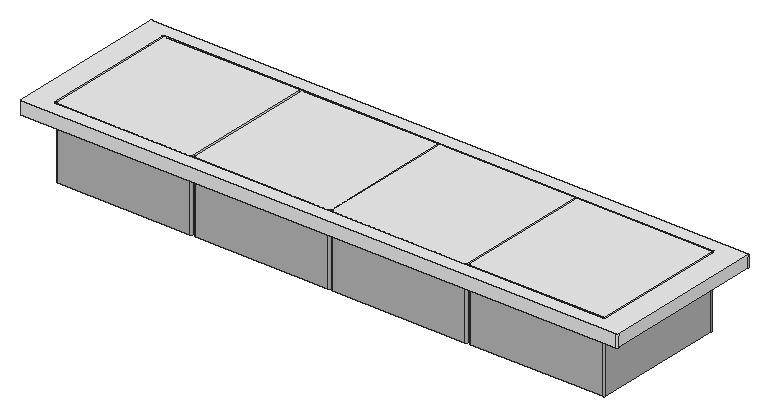
Revit family "Schneider_D-Life_4-elementos", category Electrical Fixtures, host Face, Revit 2015 (continued)
Definition of nested family "Schneider_D-Life_Tecla_Tapa_Tapa-ciega-zumbador"
  Definition of nested family "Schneider_D-Life_Cuerpo-tecla_Tecla-simple_M02"
    Parameters (values of type "Estándar")
      Versión = "L2.00"  # constant formula
      Material [instance] = none
      Longitud [instance] = 70.3 mm
      Autor.URL = "www.a3d.es"
      Autor = "A3D Consulting"  # constant formula
    Reference planes
      plane 1 "Centro (Frontal/Posterior)": y = 0
      plane 2: z = 0
      plane 3 "Centro (Izquierda/Derecha)": x = 0
      plane 4 "Izquierda": x = -35.15
      plane 5 "Derecha": x = 35.15
      plane 6 "Posterior": y = 35
      plane 7 "Frontal": y = -35
      plane 8 "Tecla.Izquierda": x = -34.65
      plane 9 "Tecla.Derecha": x = 34.65
      plane 10 "Tecla.Frontal": y = -34.5
      plane 11 "Tecla.Posterior": y = 34.5
      plane 12 "Tapa.Superior": z = 5
    Forms (mm)
      Sweep 1, solid, material <- "Material"
        path origin (0, 0, 0) x (1, 0, 0) y (0, 1, 0)
          loop
            line (-34.65, 0) -> (34.65, 0)
        profile origin (0, 0, 0) x (0, 1, 0) y (0, 0, 1)
          loop
            line (-34.5, 0) -> (34.5, 0) -> (34.5, 5) -> (-34.5, 5) -> (-34.5, 0)
      Sweep 2, void
        path origin (0, 34.5, 0) x (-1, 0, 0) y (0, 0, 1)
          loop
            line (34.65, 5) -> (34.65, 0)
        profile origin (-34.65, 34.5, 2.5) x (0, 1, 0) y (-1, 0, 0)
          loop
            line (0, 0) -> (-1, 0)
            arc (-1, 0) -> (-0.293, -0.293) -> (0, -1) r 1
            line (0, -1) -> (0, 0)
      Sweep 3, void
        path origin (38.686, 34.5, 0) x (-1, 0, 0) y (0, 0, 1)
          loop
            line (4.036, 5) -> (4.036, 0)
        profile origin (34.65, 34.5, 2.5) x (0, 1, 0) y (-1, 0, 0)
          loop
            line (0, 0) -> (0, 1)
            arc (0, 1) -> (-0.293, 0.293) -> (-1, 0) r 1
            line (-1, 0) -> (0, 0)
      Sweep 4, void
        path origin (0, -34.5, 0) x (-1, 0, 0) y (0, 0, 1)
          loop
            line (34.65, 5) -> (34.65, 0)
        profile origin (-34.65, -34.5, 2.5) x (0, 1, 0) y (-1, 0, 0)
          loop
            line (0, 0) -> (0, -1)
            arc (0, -1) -> (0.293, -0.293) -> (1, 0) r 1
            line (1, 0) -> (0, 0)
      Sweep 5, void
        path origin (0, -34.5, 0) x (-1, 0, 0) y (0, 0, 1)
          loop
            line (-34.65, 5) -> (-34.65, 0)
        profile origin (34.65, -34.5, 2.5) x (0, 1, 0) y (-1, 0, 0)
          loop
            line (0, 0) -> (1, 0)
            arc (1, 0) -> (0.293, 0.293) -> (0, 1) r 1
            line (0, 1) -> (0, 0)
    Cuts and joins
      Sweep 2, Sweep 3, Sweep 4, Sweep 5 cuts Sweep 1
    Text (mm)
      text "A3D CONSULTING INTEGRATED BIM SOLUTIONS, S.L.\n\nCONTRATO DE LICENCIA DE USUARIO FINAL\n\n\n\n\n\nAVISO A LOS USUARIOS: LEA ATENTAMENTE EL SIGUIENTE CONTRATO ANTES DE CONTINUAR. EL USO DEL CONTENIDO BIM EN FORMATO REVIT QUE SE ACOMPAÑA DEL PRESENTE ACUERDO (\"CONTENIDO BIM A3D CONSULTING\") CONSTITUYE SU ACEPTACIÓN DE ESTOS TÉRMINOS. SI USTED NO ESTÁ DE ACUERDO CON LAS CONDICIONES DE ESTE ACUERDO NO ABRA, ACCEDA DIRECTA O INDIRECTAMENTE, MODIFIQUE,  COPIE NI USE EL CONTENIDO BIM A3D CONSULTING, NI TOTAL NI PARCIALMENTE. EL USO DEL CONTENIDO BIM A3D CONSULTING POR PARTE DEL USUARIO ESTÁ CONDICIONADO AL CUMPLIMIENTO POR EL MISMO DE LOS TÉRMINOS DE ESTE ACUERDO.\n\n\n\n1.\tDEFINICIONES\n\nEste contrato de licencia de usuario final para el Contenido BIM A3D Consulting (“CLUF”) constituye un acuerdo legal entre usted como usuario final (ya sea persona física o entidad legalmente reconocida) (el \"Titular de la licencia\") y A3D CONSULTING INTEGRATED BIM SOLUTIONS, S.L. para el Contenido BIM A3D Consulting que acompaña a este CLUF. El Contenido BIM A3D CONSULTING consiste en uno o varios archivos en formato Autodesk Revit, pudiendo incluir elementos y medios asociados, así como la documentación \"en línea\" o electrónica (\"Contenido BIM A3D Consulting \").\n\n\n\n2.\tCONCESIÓN DE LA LICENCIA\n\nA3D CONSULTING INTEGRATED BIM SOLUTIONS, S.L. le concede una licencia para utilizar y modificar el contenido BIM incluido en una copia de Contenido BIM A3D Consulting.  El \"Titular de la licencia \" designa a la empresa, entidad o persona física, cuyos fondos son utilizados para pagar la cuota de licencia. \"Uso\" designa la copia, el almacenaje, la carga, la instalación o la muestra del Contenido BIM A3D Consulting. En virtud del presente, el Titular de la licencia no puede alquilar, arrendar, ceder, prestar, vender ni sublicenciar el Contenido BIM A3D Consulting a otra persona física, empresa o entidad.\n\n\n\n3.\tPROPIEDAD\n\nA3D CONSULTING INTEGRATED BIM SOLUTIONS, S.L. es el propietario y el titular del copyright del Contenido BIM A3D Consulting. La licencia adquirida no confiere al Titular de la licencia ningún título o propiedad sobre el contenido y no debe interpretarse como una venta de ningún derecho.\n\n\n\n4.\tCOPYRIGHT\n\nEl Contenido BIM A3D Consulting está protegido por las leyes españolas del copyright, las disposiciones de los tratados internacionales y otras leyes aplicables. En virtud del presente, el Titular de la licencia reconoce que no se le transfiere ningún título de la propiedad intelectual de A3D CONSULTING INTEGRATED BIM SOLUTIONS, S.L.. Además, el Titular de la licencia reconoce que el título y todos los derechos de autor sobre el Contenido BIM A3D Consulting seguirán siendo propiedad exclusiva de A3D CONSULTING INTEGRATED BIM SOLUTIONS, S.L. y no adquirirá ningún derecho sobre el Contenido BIM A3D Consulting, a excepción de lo expresamente establecido en esta licencia.\n\n\n\n5.\tRESPONSABILIDAD\n\nEn virtud del presente, el Titular de la licencia acepta que defenderá, indemnizará y eximirá a A3D CONSULTING INTEGRATED BIM SOLUTIONS, S.L. de cualesquiera reclamaciones o responsabilidades derivadas del uso, uso indebido, distribución o ejecución del Contenido BIM A3D Consulting de A3D CONSULTING INTEGRATED BIM SOLUTIONS, S.L., incluyendo las reclamaciones presentadas en contra del Titular de la licencia por el uso de dicho  contenido. Asimismo, el Titular de la licencia acepta eximir de toda responsabilidad y proteger a A3D CONSULTING INTEGRATED BIM SOLUTIONS, S.L. frente a cualquier tipo de demandas civiles, legales o penales. Las cantidades derivadas de dichos procesos, incluyendo resoluciones y costas judiciales, correrán a cargo del Titular de la licencia.\n\n\n\n6.\tGARANTÍA\n\nDurante un periodo de 30 días, a contar a partir de la fecha de entrega del producto, A3D CONSULTING INTEGRATED BIM SOLUTIONS, S.L. garantiza que dicho producto está libre de defectos en los materiales y la mano de obra. En caso de incumplimiento de esta garantía, el Titular de la licencia recibirá como  única compensación el reemplazo del producto. El Contenido BIM A3D Consulting y cualquier documentación relacionada se proporcionan \"tal cual\", sin garantía de ningún tipo, ya sea expresa o implícita, incluyendo, a título enunciativo pero no limitativo, las garantías implícitas o comerciabilidad, la idoneidad para un propósito particular o la inexistencia de infracción. Cualquier riesgo derivado del uso o los resultados del Contenido BIM A3D Consulting correrá a cargo del licenciatario.\n\n\n\n7.\tLEGISLACIÓN APLICABLE\n\nTodos los aspectos del presente Contrato se regirán e interpretarán de conformidad con la legislación vigente en España.\n\n\n\n8.\tENMIENDAS\n\nA3D CONSULTING INTEGRATED BIM SOLUTIONS, S.L. se reserva el derecho de modificar este acuerdo en cualquier momento.\n\n\n\n9.\tAPLICABILIDAD\n\nEn caso de que alguna de las disposiciones de este acuerdo fuera nula o inaplicable, las partes acuerdan que dicha invalidez no afectará a la validez de las disposiciones restantes de este acuerdo.\n\n\n\n- FIN DEL CONTRATO DE LICENCIA DE USUARIO FINAL -\n\nBarcelona / España, 15.02.2015\n\nA3D CONSULTING INTEGRATED BIM SOLUTIONS, S.L." at (2.016, -2, 0), in view "CLUF"
    Dimensions and locks
      equal spacing: plane 4 "Izquierda", plane 3 "Centro (Izquierda/Derecha)", plane 5 "Derecha"
      "Longitud": plane 4 "Izquierda" to plane 5 "Derecha"
      equal spacing: plane 7 "Frontal", plane 1 "Centro (Frontal/Posterior)", plane 6 "Posterior"
      "Anchura": plane 7 "Frontal" to plane 6 "Posterior"
      "Juntas.Desfase": plane 7 "Frontal" to plane 10 "Tecla.Frontal"
      "Juntas.Desfase": plane 6 "Posterior" to plane 11 "Tecla.Posterior"
      "Juntas.Desfase": plane 4 "Izquierda" to plane 8 "Tecla.Izquierda"
      "Juntas.Desfase": plane 9 "Tecla.Derecha" to plane 5 "Derecha"
      "Espesor": plane 12 "Tapa.Superior" to plane 2
      "Cuerpo.Redondeo": plane 8 "Tecla.Izquierda" to Sweep 2 sketch curve
      "Cuerpo.Redondeo": plane 11 "Tecla.Posterior" to Sweep 2 sketch curve
      "Cuerpo.Redondeo": Sweep 3 sketch curve to plane 9 "Tecla.Derecha"
      "Cuerpo.Redondeo": plane 11 "Tecla.Posterior" to Sweep 3 sketch curve
      "Cuerpo.Redondeo": plane 8 "Tecla.Izquierda" to Sweep 4 sketch curve
      "Cuerpo.Redondeo": Sweep 4 sketch curve to plane 10 "Tecla.Frontal"
      "Cuerpo.Redondeo": Sweep 5 sketch curve to plane 10 "Tecla.Frontal"
      "Cuerpo.Redondeo": Sweep 5 sketch curve to plane 9 "Tecla.Derecha"
      "Cuerpo.Redondeo": radius of Sweep 2 sketch curve
      "Cuerpo.Redondeo": radius of Sweep 3 sketch curve
      "Cuerpo.Redondeo": radius of Sweep 4 sketch curve
      "Cuerpo.Redondeo": radius of Sweep 5 sketch curve
      aligned and locked: level to plane 2
      aligned and locked: plane 9 "Tecla.Derecha" to Sweep 1 sketch curve
      aligned and locked: plane 1 "Centro (Frontal/Posterior)" to Sweep 1 sketch curve
      aligned and locked: plane 2 to Sweep 1 sketch curve
      aligned and locked: Sweep 1 sketch curve to plane 11 "Tecla.Posterior"
      aligned and locked: plane 10 "Tecla.Frontal" to Sweep 1 sketch curve
      aligned and locked: plane 12 "Tapa.Superior" to Sweep 1 sketch curve
      aligned and locked: plane 2 to Sweep 2 sketch curve
      aligned and locked: Sweep 2 sketch curve to plane 8 "Tecla.Izquierda"
      aligned and locked: plane 8 "Tecla.Izquierda" to Sweep 2 sketch curve
      aligned and locked: Sweep 2 sketch curve to plane 11 "Tecla.Posterior"
      aligned and locked: Sweep 3 sketch curve to plane 9 "Tecla.Derecha"
      aligned and locked: plane 2 to Sweep 3 sketch curve
      aligned and locked: plane 11 "Tecla.Posterior" to Sweep 3 sketch curve
      aligned and locked: plane 9 "Tecla.Derecha" to Sweep 3 sketch curve
      aligned and locked: plane 2 to Sweep 4 sketch curve
      aligned and locked: Sweep 4 sketch curve to plane 8 "Tecla.Izquierda"  (x2)
      aligned and locked: plane 2 to Sweep 5 sketch curve
      aligned and locked: Sweep 5 sketch curve to plane 9 "Tecla.Derecha"  (x2)
      aligned and locked: Sweep 4 sketch curve to plane 10 "Tecla.Frontal"
      aligned and locked: plane 10 "Tecla.Frontal" to Sweep 5 sketch curve
      aligned and locked: plane 8 "Tecla.Izquierda" to Sweep 1 sketch curve
      aligned and locked: Sweep 1 sketch curve to plane 12 "Tapa.Superior"
      aligned and locked: plane 12 "Tapa.Superior" to Sweep 5 sketch curve
      aligned and locked: plane 12 "Tapa.Superior" to Sweep 3 sketch curve
      aligned and locked: plane 12 "Tapa.Superior" to Sweep 4 sketch curve
      aligned and locked: plane 12 "Tapa.Superior" to Sweep 2 sketch curve
